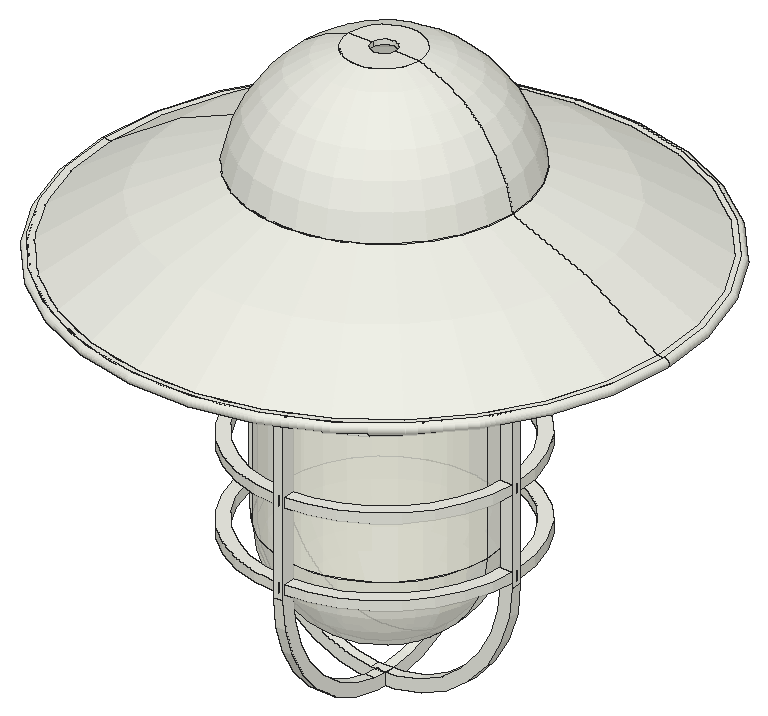
Revit family "DB2", category Lighting Fixtures, Revit 2024
Family settings
  Round Connector Dimension = Use Diameter
  Part Type = Normal
  OmniClass Number = 23.80.70.00
  OmniClass Title = Lighting
  Work Plane-Based = No
  Always vertical = Yes
  Cut with Voids When Loaded = No
  Light Source = No
  Maintain Annotation Orientation = No
  Shared = No
  Room Calculation Point = No
Parameters
  Default Elevation = 0' - 0"
Reference planes (in)
  plane 1 "Light Source Axis (F/B)": y = 0
  plane 2: z = 0
  plane 3 "Light Source Axis (L/R)": x = 0
  plane 4 "Light Source Elevation": z = 54
Forms (in)
  Revolve 1, solid, material "54"
    sketch origin (6.84003, 0, -20.93302) x (1, 0, 0) y (0, 0, 1)
      loop
        line (-4.13334, 84.43302) -> (-4.13334, 84.73302)
        arc (-4.13334, 84.73302) -> (-4.79067, 86.11944) -> (-6.09003, 86.93548) r 2.74131
        line (-6.09003, 86.93548) -> (-6.59003, 86.93548) -> (-6.59003, 86.84173) -> (-6.10322, 86.84173)
        arc (-6.10322, 86.84173) -> (-4.85891, 86.0551) -> (-4.22709, 84.72548) r 2.64756
        line (-4.22709, 84.72548) -> (-4.22709, 84.52677) -> (-4.39628, 84.52677) -> (-4.39628, 83.77677) -> (-4.62769, 83.77677) -> (-4.62769, 83.68302) -> (-4.30253, 83.68302) -> (-4.30253, 84.43302) -> (-4.13334, 84.43302)
      loop
        line (-4.66282, 78.03154) -> (-4.66282, 84.43302) -> (-4.75657, 84.43302) -> (-4.75657, 78.0333)
        arc (-4.75657, 78.0333) -> (-5.39398, 76.61211) -> (-6.83922, 76.03129) r 2.08125
        line (-6.83922, 76.03129) -> (-6.83922, 75.93754)
        arc (-6.83922, 75.93754) -> (-5.32832, 76.5452) -> (-4.66282, 78.03154) r 2.175
      loop
        line (-4.30253, 82.78302) -> (-4.05253, 82.78302) -> (-4.05253, 82.98302) -> (-4.30253, 82.98302) -> (-4.30253, 82.78302)
      loop
        line (-4.30253, 81.13302) -> (-4.05253, 81.13302) -> (-4.05253, 81.33302) -> (-4.30253, 81.33302) -> (-4.30253, 81.13302)
      loop
        line (-4.30253, 79.48302) -> (-4.05253, 79.48302) -> (-4.05253, 79.68302) -> (-4.30253, 79.68302) -> (-4.30253, 79.48302)
      loop
        line (-4.30253, 77.83302) -> (-4.05253, 77.83302) -> (-4.05253, 78.03302) -> (-4.30253, 78.03302) -> (-4.30253, 77.83302)
      axis (-6.84003, 86.93548) -> (-6.84003, 75.93754)
    angle from 0 to 360
  Extrusion 2, solid, material "54"
    sketch origin (6.84003, -1.34798, -20.93302) x (1, 0, 0) y (0, 0, 1)
      loop
        line (-4.05253, 77.72052) -> (-4.05253, 84.43302) -> (-4.30253, 84.43302) -> (-4.30253, 77.72052)
        arc (-4.30253, 77.72052) -> (-5.12109, 75.85393) -> (-7.04867, 75.19161) r 2.5375
        arc (-7.04867, 75.19161) -> (-8.70662, 76.00158) -> (-9.37753, 77.72052) r 2.5375
        line (-9.37753, 77.72052) -> (-9.37753, 84.43302) -> (-9.62753, 84.43302) -> (-9.62753, 77.72052)
        arc (-9.62753, 77.72052) -> (-6.84003, 74.93302) -> (-4.05253, 77.72052) r 2.7875
    from -1.44798 to -1.24798
  Extrusion 3, solid, material "54"
    sketch origin (5.40871, -9.34798, -20.93302) x (0, -1, 0) y (0, 0, 1)
      loop
        arc (-12.13548, 77.72052) -> (-9.34798, 74.93302) -> (-6.56048, 77.72052) r 2.7875
        line (-6.56048, 77.72052) -> (-6.56048, 84.43302) -> (-6.81048, 84.43302) -> (-6.81048, 77.72052)
        arc (-6.81048, 77.72052) -> (-7.42922, 76.06001) -> (-8.98371, 75.2093) r 2.5375
        arc (-8.98371, 75.2093) -> (-11.00849, 75.80176) -> (-11.88548, 77.72052) r 2.5375
        line (-11.88548, 77.72052) -> (-11.88548, 84.43302) -> (-12.13548, 84.43302) -> (-12.13548, 77.72052)
    from 5.30871 to 5.50871
  Revolve 4, solid, material "54"
    sketch origin (0, 0, 0) x (1, 0, 0) y (0, 0, 1)
      loop
        arc (5.77523, 62.2) -> (4.28775, 63.15799) -> (2.64623, 63.8181) r 9.33451
        line (2.64623, 63.8181) -> (2.67435, 63.71184)
        arc (2.67435, 63.71184) -> (4.32477, 63.03281) -> (5.81387, 62.04919) r 9.24076
        arc (5.81387, 62.04919) -> (5.98684, 62.05041) -> (5.9, 62.2) r 0.1
        line (5.9, 62.2) -> (5.77523, 62.2)
      axis (0, 62.04919) -> (0, 63.8181)
    angle from 0 to 360
Dimensions and locks (in)
  aligned and locked: level to plane 2
